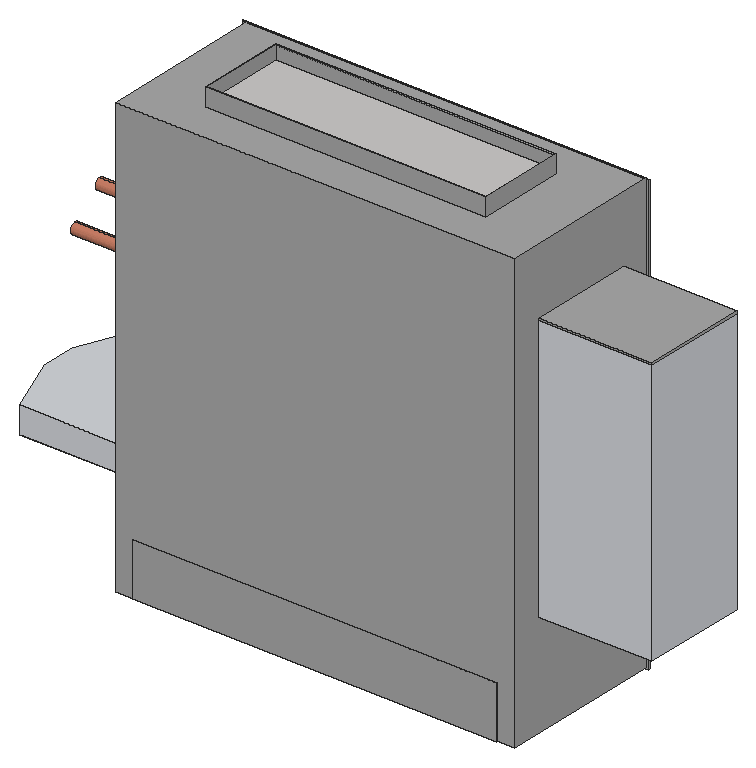
Revit family
Parameters (values of type "FWC 02 - 115V - 4 Pipe - 3 Rows Cooling - 1 Row Heating")
  Water Connection Radius [instance] = if(1 = 1, Water Connection Diameter / 2, 1' 0")  # 0' - 0 5/16"
  Water Connection Diameter [instance] = if(or([4 Pipe], [2 Pipe Heating]), Hot Water Connection Diameter, Chilled Water Connection Diameter)  # 5/8"
  Water Coil Pressure Drop = if(or([4 Pipe], [2 Pipe Heating]), Heating Coil Water Pressure Drop, Cooling Coil Water Pressure Drop)  # 0 Pa
  Wall Thickness [instance] = 0' - 4"
  Total Coil Row Count = Heating Coil Row Count + Cooling Coil Row Count  # 4
  Standard Decorator Wall Panel [instance] = no
  Return Duct Connector Description = "Return Air Connection"  # constant formula
  Product Page URL = "http://www.enviro-tec.com/eCatalog/products.asp?ID=103"
  Outside Air Connection = no
  Louver Material [instance] = Metal - JCI - Steel - Powder Coated - Gray - Louver
  Heating Steam [instance] = not(Heating Hot Water)  # no
  Heating Coil Row Count = 1
  Heating Coil Description [instance] = if(Heating Hot Water, "Hot Water", "Steam")  # "Hot Water"
  Front Panel Width = Decorator Wall Panel Width - 1' 3 7/16"  # 1' - 10 3/4"
  Width = 1' - 11 3/16"
  Heating Hot Water [instance] = yes
  Voltage = 115 V
  Unit Weight = if(Unit Size > 11, 105.00 lbf, if(Unit Size > 9, 92.00 lbf, if(Unit Size > 7, 66.00 lbf, if(Unit Size > 5, 62.00 lbf, if(Unit Size > 3, 55.00 lbf, if(Unit Size > 2, 45.00 lbf, if(Unit Size > 1, 36.00 lbf, 36.00 lbf)))))))  # 36.00 lbf
  Unit Size = 2
  URL = "http://www.enviro-tec.com/index.html"
  Type Comments = ""
  Total Cooling Capacity = 0.0 Btu/h
  Supply Air Connection Width = 16"
  Supply Air Connection Height = 5"
  Sensible Heating Capacity = 0.0 Btu/h
  Sensible Cooling Capacity = 0.0 Btu/h
  Secondary Condensate Drain Flow [instance] = 0 GPM
  Return Air Connection Width = Front Panel Width - 0' 2"  # 20 3/4"
  Return Air Connection Height = 0' 3"  # 3"
  Product Documentation Link = "http://www.enviro-tec.com/PDF/Catalog/ET115.26-EG6.pdf"
  Pressure Drop = 0.00 in-wg
  Power Factor = 0.8
  Electric Heat Current = 8.3 A
  Drain Pan Width = 0' - 0"
  Cooling DX Suction [instance] = no
  Cooling DX Liquid [instance] = no
  Cooling DX [instance] = yes
  Cooling Coil Row Count = 3
  Cooling Coil Description [instance] = if(Cooling Chilled Water, "Chilled Water", "DX")  # "DX"
  Cooling Chilled Water [instance] = or(and(not(Cooling DX Suction), not(Cooling DX), not(Cooling DX Liquid)))  # no
  Condensate Drain ConnectorDescription [instance] = "Condensate Drain Connection"  # constant formula
  Water Supply Connector Description [instance] = if(or([4 Pipe], [2 Pipe Heating]), "Hot Water Supply", "Chilled Water Supply")  # "Hot Water Supply"
  Water Return Connector Description [instance] = if(or([4 Pipe], [2 Pipe Heating]), "Hot Water Return", "Chilled Water Return")  # "Hot Water Return"
  Chilled Water Supply Connector Description [instance] = if([4 Pipe], "Chilled Water Supply", "Disabled")  # "Chilled Water Supply"
  Chilled Water Return Connector Description [instance] = if([4 Pipe], "Chilled Water Return", "Disabled")  # "Chilled Water Return"
  OmniClass Title = "Fan Coil Units"  # constant formula
  OmniClass Number = "23.75.70.17.27"  # constant formula
  Number of Poles = 1
  Net Weight = Unit Weight + Coil Rows Weight  # 66.00 lbf
  Mounting Hole Distance = if(1 = 1, Supply Air Connection Width + 0' 6", 1' 0")  # 1' - 10"
  Fan Motor Current = 0.4 A
  Model = "FWC"
  Manufacturer = "Johnson Controls, Inc."  # constant formula
  Length = 0' - 9 3/8"  # constant formula
  Keynote = "15700"
  Hot Water Connection Diameter = if(Heating Coil Row Count < 3, 0' 0 5/8", 0' 0 3/4")  # 5/8"
  Height = 2' - 1"  # constant formula
  Heating Leaving Water Temperature [instance] = 140 °F
  Heating Entering Water Temperature [instance] = 180 °F
  Heating Entering Dry Bulb Temperature [instance] = 70 °F
  Heating Coil Water Pressure Drop = 0 Pa
  Full Load Current = Electric Heat Current + Fan Motor Current  # 8.7 A
  Frequency = 0 Hz
  Frame Material = Metal - JCI - Steel - Galvanized
  Filter Throwaway [instance] = yes
  Filter Pleated 1 in [instance] = no
  Filter Size = "26.5x8.5"
  Fan Motor Horsepower = 0.02
  External Static Pressure [instance] = 0.05 in-wg
  Electrical Connector Description = "Single Point Power Connection"
  Electric Heat Wattage = 45 W
  Electric Heat Capacity = 0.0 Btu/h
  Supply Duct Connector Description = "Supply Air Connection"  # constant formula
  Decorator Wall Panel Width = if(1 = 1, Width + 1' 3", 1' 0")  # 3' - 2 3/16"
  Decorator Wall Panel Height [instance] = 2' - 4"  # constant formula
  Cooling Leaving Water Temperature [instance] = 55 °F
  Cooling Entering Wet Bulb Temperature [instance] = 67 °F
  Cooling Entering Water Temperature [instance] = 45 °F
  Cooling Entering Dry Bulb Temperature [instance] = 80 °F
  Cooling Coil Water Pressure Drop = 0 Pa
  Control Enclosure Width = 0' - 5 7/8"
  Control Enclosure Height [instance] = 0' - 5 1/2"  # constant formula
  Control Enclosure Depth = 0' - 3"  # constant formula
  Condensate Drain Pan Material = Metal - JCI - Steel - Galvanized
  Condensate Drain Depth Offset [instance] = if(Auxiliary Drip Pan, 0' 5 9/16", 0' 2 1/16")  # 0' - 5 9/16"
  Chilled Water Connection Radius [instance] = if(1 = 1, Chilled Water Connection Diameter / 2, 1' 0")  # 0' - 0 7/16"
  CTRL Junction Box Height [instance] = 1' - 3 1/4"
  Decorator Wall Panel Return Width = 2' - 0 7/8"
  Decorator Wall Panel Supply Width = 1' - 10 7/8"
  CTRL Condensate Drain Offset [instance] = if(CTRL Condensate Drain Angle = 0.00°, Front Panel Width + 0' 2 5/16", if(and(CTRL Condensate Drain Angle = 270.00°, Coil Connection Right), Front Panel Width + 0' 11 3/16", if(and(CTRL Condensate Drain Angle = 270.00°, Coil Connection Left), 0' 0", 0' 4 19/32")))  # 0' - 0"
  Condensate Drain Length [instance] = 0' - 2"  # constant formula
  Condensate Drain Height [instance] = if(Auxiliary Drip Pan, 0' 6 1/32", 0' 9")  # 0' - 6 1/32"
  Condensate Drain Connection Diameter Auxiliary = 0' 0 5/8"  # 5/8"
  Coil Rows Weight = if(and(Unit Size > 11, Total Coil Row Count > 3), 77.00 lbf, if(and(Unit Size > 11, Total Coil Row Count > 2), 61.00 lbf, if(and(Unit Size > 11, Total Coil Row Count > 1), 47.00 lbf, if(and(Unit Size > 11, Total Coil Row Count > 0.5), 37.00 lbf, if(and(Unit Size > 9, Total Coil Row Count > 3), 65.00 lbf, if(and(Unit Size > 9, Total Coil Row Count > 2), 52.00 lbf, if(and(Unit Size > 9, Total Coil Row Count > 1), 41.00 lbf, if(and(Unit Size > 9, Total Coil Row Count > 0.5), 32.00 lbf, if(and(Unit Size > 7, Total Coil Row Count > 3), 52.00 lbf, if(and(Unit Size > 7, Total Coil Row Count > 2), 41.00 lbf, if(and(Unit Size > 7, Total Coil Row Count > 1), 32.00 lbf, if(and(Unit Size > 7, Total Coil Row Count > 0.5), 25.00 lbf, if(and(Unit Size > 5, Total Coil Row Count > 3), 50.00 lbf, if(and(Unit Size > 5, Total Coil Row Count > 2), 39.00 lbf, if(and(Unit Size > 5, Total Coil Row Count > 1), 31.00 lbf, if(and(Unit Size > 5, Total Coil Row Count > 0.5), 24.00 lbf, if(and(Unit Size > 3, Total Coil Row Count > 3), 41.00 lbf, if(and(Unit Size > 3, Total Coil Row Count > 2), 32.00 lbf, if(and(Unit Size > 3, Total Coil Row Count > 1), 25.00 lbf, if(and(Unit Size > 3, Total Coil Row Count > 0.5), 20.00 lbf, if(and(Unit Size > 2, Total Coil Row Count > 3), 32.00 lbf, if(and(Unit Size > 2, Total Coil Row Count > 2), 25.00 lbf, if(and(Unit Size > 2, Total Coil Row Count > 1), 20.00 lbf, if(and(Unit Size > 2, Total Coil Row Count > 0.5), 15.00 lbf, if(and(Unit Size > 1, Total Coil Row Count > 3), 30.00 lbf, if(and(Unit Size > 1, Total Coil Row Count > 2), 23.00 lbf, if(and(Unit Size > 1, Total Coil Row Count > 1), 19.00 lbf, 14.00 lbf)))))))))))))))))))))))))))  # 30.00 lbf
  Coil Pipe Material = Metal - JCI - Copper - Type-L - Polished
  Coil Face Area = 2.50 SF
  Chilled Water Connection Diameter [instance] = if(and(Cooling Chilled Water, Cooling Coil Row Count < 3), 0' 0 5/8", if(and(Cooling DX, Cooling DX Liquid), 0' 0 3/8", if(and(Cooling DX, Cooling DX Suction), 0' 0 5/8", 0' 0 7/8")))  # 7/8"
  Description = ""
  Copyright © = "© 2010, Johnson Controls, Inc."  # constant formula
  Control Enclosure Right [instance] = not(Coil Connection Right)  # yes
  Control Enclosure Left [instance] = not(Control Enclosure Right)  # no
  Condensate Drain Connection Diameter = 0' 0 5/8"  # 5/8"
  Condensate Connection Radius 2 [instance] = if(1 = 1, Condensate Drain Connection Diameter Auxiliary / 2, 1' 0")  # 0' - 0 5/16"
  Condensate Connection Radius [instance] = if(1 = 1, Condensate Drain Connection Diameter / 2, 0' 0")  # 0' - 0 5/16"
  Coil Connection Right [instance] = no
  Coil Connection Left [instance] = not(Coil Connection Right)  # yes
  Coil Casing Width = if(1 = 1, Supply Air Connection Width + 0' 9 1/8", 1' 0")  # 2' - 1 1/8"
  Coil Casing Depth = 0' - 11 5/8"  # constant formula
  CTRL Supply Offset Back = 0' - 3 3/4"  # constant formula
  CTRL Supply 2 Offset Back [instance] = if([4 Pipe], CTRL Supply Offset Back + 0' 3 1/2", CTRL Supply Offset Back)  # 0' - 7 1/4"
  CTRL Return Offset Back [instance] = 0' - 5 1/2"  # constant formula
  CTRL Return 2 Offset Back [instance] = if([4 Pipe], CTRL Return Offset Back - 0' 3 1/2", CTRL Return Offset Back)  # 0' - 2"
  CTRL Pipes Offset Position [instance] = if(Coil Connection Right, Front Panel Width, 0' 0")  # 0' - 0"
  CTRL Pipes Offset Length = 0' - 4"  # constant formula
  CTRL Pipe Supply 2 Height Offset [instance] = if([4 Pipe], CTRL Pipe Supply Height Offset - 0' 3", CTRL Pipe Supply Height Offset)  # 1' - 4 1/4"
  CTRL Pipe Supply Height Offset [instance] = 1' - 7 1/4"  # constant formula
  CTRL Pipe Return Height Offset [instance] = 1' - 5 3/4"  # constant formula
  CTRL Pipe Return Angle [instance] = if(Coil Connection Right, 0.00°, 180.00°)  # 180.00°
  CTRL Pipe Return 2 Height Offset [instance] = if([4 Pipe], CTRL Pipe Return Height Offset + 0' 3", CTRL Pipe Return Height Offset)  # 1' - 8 3/4"
  CTRL Enclosure Offset [instance] = if(CTRL Enclosure Angle > 0.00°, Front Panel Width, 0' 0")  # 0' - 0"
  CTRL Enclosure Height Offset [instance] = 0' - 6"  # constant formula
  CTRL Enclosure Angle [instance] = if(Control Enclosure Right, 0.00°, 180.00°)  # 0.00°
  CTRL Drain Pan Offset [instance] = if(CTRL Drain Pan Angle = 0.00°, Front Panel Width, 0' 0")  # 0' - 0"
  CTRL Drain Pan Angle [instance] = if(Auxiliary Drip Pan Right, 0.00°, 180.00°)  # 180.00°
  CTRL Condensate Drain Angle [instance] = if(Auxiliary Drip Pan, 270.00°, if(Coil Connection Right, 0.00°, 180.00°))  # 270.00°
  Auxiliary Drip Pan Left [instance] = not(Auxiliary Drip Pan Right)  # yes
  Auxiliary Drip Pan Right [instance] = not(Coil Connection Left)  # no
  Auxiliary Drip Pan [instance] = yes
  Assembly Code = "D3050100"
  Apparent Load = 45 VA
  Altitude [instance] = 0' - 0"
  Design Supply Air Flow = 2400 CFM
  Actual Supply Air Flow [instance] = 0 CFM
  Actual Return Air Flow [instance] = 0 CFM
  Actual Heating Water Flow = 0 GPM
  Actual Condensate Drain Flow [instance] = 0 GPM
  Actual Chilled Water Flow = 0 GPM
  4 Pipe = yes
  2 Pipe Heating = yes
  2 Pipe Cooling = not(or([2 Pipe Heating], [4 Pipe]))  # no
Reference planes (in)
  plane 1 "Center (Front/Back)": y = -6.9375
  plane 2 "Bottom": z = 0
  plane 3 "Center (Left/Right)": x = 0
  plane 4 "Left": x = -11.375
  plane 5 "Right": x = 11.375
  plane 6 "Front": y = -11.625
  plane 7 "Top": z = 25
  plane 8 "Back": y = -2.25
  plane 9 "Offset Right": x = 11.59375
  plane 10 "Offset Left": x = -11.59375
  plane 11 "Offset Top": z = 26
  plane 12 "Offset Back": y = -2.3
  plane 13 "Right Supply Air": x = 8
  plane 14 "Front Supply Air": y = -9.4375
  plane 15 "Back Supply Air": y = -4.4375
  plane 16 "Chilled Return Pipe Height": z = 20.75
  plane 17 "Heating Supply Pipe Height": z = 16.25
  plane 18 "Heating Supply Pipe": y = -9.5
  plane 19 "Chilled Return Pipe": y = -4.25
  plane 20 "Offset Front": y = -12.5
  plane 21 "Left Supply Air": x = -8
  plane 22 "Pipe CTRL Offset": x = -11.375
  plane 23 "Heating Return Pipe": y = -7.75
  plane 24 "Chilled Supply Pipe": y = -6
  plane 25 "Heating Return Pipe Height": z = 17.75
  plane 26 "Chilled Supply Pipe Height": z = 19.25
  plane 27 "CTRL Junction Box Offset": x = 11.375
  plane 28 "Junction Box Bottom": z = 6
  plane 29 "Junction Box Top": z = 21.25
  plane 30 "Return Air Height": z = 3
  plane 31 "Front Panel Top": z = 23
  plane 32 "Left Return Air": x = -10.375
  plane 33 "Right Return Air": x = 10.375
  plane 34 "Auxiliary Drain Pan Offset": x = -11.375
  plane 35 "Auxiliary Drain Pan Top": z = 7.5
  plane 36 "Junction Box Exterior": x = 5.875
  plane 37 "Condensate Drain Offset": x = -16.96875
  plane 38 "Condensate Drain Height": z = 6.03125
  plane 39 "Condensate Drain Pipe": y = -6.9375
  plane 40: z = 6.03125
  plane 41 "Wall Spacing": y = -13
  plane 42 "Decorator Wall Panel Back": y = -17
  plane 43 "Decorator Wall Panel Front": y = -17.5
  plane 44 "Decorator Wall Panel Left": x = -19.09375
  plane 45 "Decorator Wall Panel Right": x = 19.09375
  plane 46 "Decorator Wall Panel Top": z = 28
  plane 47 "Decorator Wall Panel Return Left": x = -12.4375
  plane 48 "Decorator Wall Panel Return Right": x = 12.4375
  plane 49 "Decorator Wall Panel Return Bottom": z = 1
  plane 50 "Decorator Wall Panel Return Top": z = 3.8125
  plane 51 "Decorator Wall Panel Supply Bottom": z = 17.6875
  plane 52 "Decorator Wall Panel Supply Top": z = 23.1875
  plane 53: x = -11.4375
  plane 54: x = 11.4375
  plane 55 "Auxiliary Drain Pan Center Left": x = -16.96875
  plane 56 "Auxillary Drain Pan Right": x = 16.96875
Forms (in)
  Extrusion 1, solid, material "Metal - JCI - Steel - Galvanized" <- "Frame Material", detail levels fine
    sketch origin (0, -11.625, 0) x (-1, 0, 0) y (0, 0, -1)
      loop
        line (11.375, -25) -> (11.375, 0) -> (-11.375, 0) -> (-11.375, -25) -> (11.375, -25)
    from 0 to -9.375
  Extrusion 2, solid, material "Metal - JCI - Steel - Galvanized" <- "Frame Material", detail levels fine
    sketch origin (0, -6.9375, 0) x (1, 0, 0) y (0, 0, 1)
      loop
        line (11.59375, 25) -> (-11.59375, 25) -> (-11.59375, 0) -> (11.59375, 0) -> (11.59375, 25)
    from -4.6375 to -4.6875
  Revolve 3, solid, material "Metal - JCI - Copper - Type-L - Polished" <- "Coil Pipe Material", visible <- "4 Pipe", detail levels fine
    sketch origin (0, -4.25, 0) x (-1, 0, 0) y (0, 0, 1)
      loop
        line (11.375, 20.75) -> (11.375, 20.3125) -> (15.375, 20.3125) -> (15.375, 20.75) -> (11.375, 20.75)
      axis (11.375, 20.75) -> (15.375, 20.75)
    angle from 0 to 360
  Revolve 4, solid, material "Metal - JCI - Copper - Type-L - Polished" <- "Coil Pipe Material", visible <- "4 Pipe", detail levels fine
    sketch origin (0, -9.5, 0) x (-1, 0, 0) y (0, 0, 1)
      loop
        line (11.375, 16.25) -> (15.375, 16.25) -> (15.375, 16.5625) -> (11.375, 16.5625) -> (11.375, 16.25)
      axis (11.375, 16.25) -> (15.375, 16.25)
    angle from 0 to 360
  Revolve 5, solid, material "Metal - JCI - Copper - Type-L - Polished" <- "Coil Pipe Material", detail levels fine
    sketch origin (0, -6, 0) x (-1, 0, 0) y (0, 0, 1)
      loop
        line (15.375, 19.25) -> (11.375, 19.25) -> (11.375, 18.8125) -> (15.375, 18.8125) -> (15.375, 19.25)
      axis (11.375, 19.25) -> (15.375, 19.25)
    angle from 0 to 360
  Revolve 6, solid, material "Metal - JCI - Copper - Type-L - Polished" <- "Coil Pipe Material", detail levels fine
    sketch origin (0, -7.75, 0) x (-1, 0, 0) y (0, 0, 1)
      loop
        line (11.375, 17.75) -> (11.375, 17.4375) -> (15.375, 17.4375) -> (15.375, 17.75) -> (11.375, 17.75)
      axis (11.375, 17.75) -> (15.375, 17.75)
    angle from 0 to 360
  Extrusion 7, solid, material "Metal - JCI - Steel - Galvanized" <- "Frame Material", detail levels fine
    sketch origin (0, -6.9375, 0) x (1, 0, 0) y (0, 0, 1)
      loop
        line (-10.375, 3) -> (-10.375, 0) -> (10.375, 0) -> (10.375, 3) -> (-10.375, 3)
    from 4.25421 to 4.6875
  Revolve 8, solid, material "Metal - JCI - Copper - Type-L - Polished" <- "Coil Pipe Material", detail levels fine
    sketch origin (0, -6.9375, 0) x (-1, 0, 0) y (0, 0, 1)
      loop
        line (16.96875, 4.03125) -> (17.28125, 4.03125) -> (17.28125, 6.03125) -> (16.96875, 6.03125) -> (16.96875, 4.03125)
      axis (16.96875, 6.03125) -> (16.96875, 4.03125)
    angle from 0 to 360
  Extrusion 9, solid, material "Metal - JCI - Steel - Galvanized" <- "Frame Material", detail levels fine
    sketch origin (0, 0, 21.25) x (-1, 0, 0) y (0, -1, 0)
      loop
        line (-17.875, 3.9375) -> (-11.375, 3.9375) -> (-11.375, 9.9375) -> (-17.875, 9.9375) -> (-17.875, 3.9375)
    from 0 to -0.12954
  Extrusion 10, solid, material "Metal - JCI - Steel - Galvanized" <- "Frame Material", visible <- "Standard Decorator Wall Panel", detail levels fine
    sketch origin (0, -17.5, 0) x (-1, 0, 0) y (0, 0, -1)
      loop
        line (19.09375, -28) -> (19.09375, 0) -> (-19.09375, 0) -> (-19.09375, -28) -> (19.09375, -28)
      loop
        line (11.4375, -23.1875) -> (11.4375, -17.6875) -> (-11.4375, -17.6875) -> (-11.4375, -23.1875) -> (11.4375, -23.1875)
      loop
        line (12.4375, -3.8125) -> (12.4375, -1) -> (-12.4375, -1) -> (-12.4375, -3.8125) -> (12.4375, -3.8125)
    from 0 to -0.5
  Extrusion 11, solid, material "Metal - JCI - Steel - Powder Coated - Gray - Louver" <- "Louver Material", visible <- "Standard Decorator Wall Panel", detail levels fine
    sketch origin (0, -17.5, 0) x (-1, 0, 0) y (0, 0, -1)
      loop
        line (12.4375, -3.8125) -> (12.4375, -1) -> (-12.4375, -1) -> (-12.4375, -3.8125) -> (12.4375, -3.8125)
      loop
        line (11.4375, -23.1875) -> (11.4375, -17.6875) -> (-11.4375, -17.6875) -> (-11.4375, -23.1875) -> (11.4375, -23.1875)
    from 0 to -0.5
Lines and regions (in)
  Masking region 1
    outline origin (0, -11.625, 0) x (-1, 0, 0) y (0, 0, 1)
      loop
        line (11.59375, 25) -> (-11.59375, 25) -> (-11.59375, 0) -> (11.59375, 0) -> (11.59375, 3.6887) -> (11.59375, 21.54416) -> (11.59375, 25)
  Masking region 2
    outline origin (0, 0, 0) x (0, 1, 0) y (0, 0, 1)
      loop
        line (-2.25, 25) -> (-11.625, 25) -> (-11.625, 0) -> (-2.25, 0) -> (-2.25, 25)
  Masking region 3
    outline origin (0, 0, 25) x (-1, 0, 0) y (0, -1, 0)
      loop
        line (11.375, 2.25) -> (11.59375, 2.25) -> (11.59375, 2.3) -> (11.375, 2.3) -> (11.375, 12.5) -> (-11.375, 12.5) -> (-11.375, 2.3) -> (-11.59375, 2.3) -> (-11.59375, 2.25) -> (11.375, 2.25)
  Masking region 4, visible <- "Standard Decorator Wall Panel"
    outline origin (0, -17.5, 0) x (-1, 0, 0) y (0, 0, 1)
      loop
        line (-19.09375, 28) -> (-19.09375, 0) -> (19.09375, 0) -> (19.09375, 28) -> (-19.09375, 28)
  Masking region 5, visible <- "Standard Decorator Wall Panel"
    outline origin (0, 0, 0) x (0, 1, 0) y (0, 0, 1)
      loop
        line (-17, 0) -> (-17, 28) -> (-17.5, 28) -> (-17.5, 0) -> (-17, 0)
  Masking region 6, visible <- "Standard Decorator Wall Panel"
    outline origin (0, 0, 7.5) x (-1, 0, 0) y (0, -1, 0)
      loop
        line (19.09375, 17) -> (19.09375, 17.5) -> (-19.09375, 17.5) -> (-19.09375, 17) -> (19.09375, 17)
  model lines, style "Fan Coil Unit", detail levels medium+fine
    curve 1: line (-8, -4.4375, 25) -> (8, -4.4375, 25)
    curve 2: line (-8, -9.4375, 25) -> (-8, -4.4375, 25)
    curve 3: line (8, -9.4375, 25) -> (-8, -9.4375, 25)
    curve 4: line (8, -4.4375, 25) -> (8, -9.4375, 25)
  model lines, style "Fan Coil Unit"
    curve 5: line (-11.375, -11.625, 25) -> (11.375, -11.625, 25)
    curve 6: line (-11.375, -2.3, 25) -> (-11.375, -11.625, 25)
    curve 7: line (11.59375, -2.25, 25) -> (-11.59375, -2.25, 25)
    curve 8: line (11.375, -11.625, 25) -> (11.375, -2.3, 25)
    curve 9: line (11.375, -11.625, 0) -> (11.375, -11.625, 25)
    curve 10: line (-11.375, -11.625, 0) -> (11.375, -11.625, 0)
    curve 11: line (-11.375, -11.625, 25) -> (-11.375, -11.625, 0)
    curve 12: line (-11.375, -11.625, 3) -> (11.375, -11.625, 3)
    curve 13: line (-11.59375, -2.25, 25) -> (-11.59375, -2.25, 0)
    curve 14: line (-11.59375, -2.25, 0) -> (11.59375, -2.25, 0)
    curve 15: line (11.59375, -2.25, 0) -> (11.59375, -2.25, 25)
    curve 16: line (11.59375, -2.25, 25) -> (-11.59375, -2.25, 25)
    curve 17: line (11.375, -11.625, 0) -> (11.375, -2.3, 0)
    curve 18: line (-11.375, -2.3, 0) -> (-11.375, -11.625, 0)
    curve 19: line (11.375, -2.3, 25) -> (11.375, -2.3, 0)
    curve 20: line (-11.375, -2.3, 0) -> (-11.375, -2.3, 25)
    curve 21: line (10.375, -11.625, 3) -> (10.375, -11.625, 0)
    curve 22: line (-10.375, -11.625, 0) -> (-10.375, -11.625, 3)
  model lines, style "Fan Coil Pipes", detail levels medium+fine
    curve 23: line (-8, -9.4375, 25) -> (-8, -9.4375, 26)
    curve 24: line (-8, -4.4375, 26) -> (-8, -4.4375, 25)
    curve 25: line (-8, -9.4375, 26) -> (-8, -4.4375, 26)
    curve 26: line (8, -9.4375, 26) -> (-8, -9.4375, 26)
    curve 27: line (8, -4.4375, 26) -> (-8, -4.4375, 26)
    curve 28: line (8, -4.4375, 25) -> (8, -4.4375, 26)
    curve 29: line (8, -9.4375, 26) -> (8, -9.4375, 25)
    curve 30: line (8, -4.4375, 26) -> (8, -9.4375, 26)
Dimensions and locks (in)
  equal spacing: plane 6 "Front", plane 1 "Center (Front/Back)", plane 8 "Back"
  "Length": plane 6 "Front" to plane 8 "Back"
  locked: plane 8 "Back" to plane 12 "Offset Back" at 0.05
  equal spacing: plane 14 "Front Supply Air", plane 1 "Center (Front/Back)", plane 15 "Back Supply Air"
  "Supply Air Connection Height": plane 14 "Front Supply Air" to plane 15 "Back Supply Air"
  locked: plane 20 "Offset Front" to plane 6 "Front" at 0.875
  "Supply Air Connection Width": plane 21 "Left Supply Air" to plane 13 "Right Supply Air"
  "Width": plane 10 "Offset Left" to plane 9 "Offset Right"
  equal spacing: plane 4 "Left", plane 3 "Center (Left/Right)", plane 5 "Right"  (x2)
  equal spacing: plane 21 "Left Supply Air", plane 3 "Center (Left/Right)", plane 13 "Right Supply Air"
  "CTRL Pipes Offset Position": plane 4 "Left" to plane 22 "Pipe CTRL Offset"
  "Chilled Water Connection Radius": Revolve 3 sketch curve to Revolve 3 sketch curve
  "CTRL Pipes Offset Length": Revolve 3 sketch curve to Revolve 3 sketch curve
  "CTRL Pipes Offset Length": Revolve 4 sketch curve to Revolve 4 sketch curve
  "Water Connection Radius": Revolve 4 sketch curve to Revolve 4 sketch curve
  "CTRL Pipes Offset Length": Revolve 5 sketch curve to Revolve 5 sketch curve
  "Chilled Water Connection Radius": Revolve 5 sketch curve to Revolve 5 sketch curve
  "CTRL Pipes Offset Length": Revolve 6 sketch curve to Revolve 6 sketch curve
  "Water Connection Radius": Revolve 6 sketch curve to Revolve 6 sketch curve
  "CTRL Enclosure Height Offset": plane 28 "Junction Box Bottom" to plane 2 "Bottom"
  locked: plane 11 "Offset Top" to plane 7 "Top" at 1
  "Height": plane 7 "Top" to plane 2 "Bottom"
  "Return Air Connection Height": plane 30 "Return Air Height" to plane 2 "Bottom"
  plane 31 "Front Panel Top" to plane 30 "Return Air Height" = 1' - 8"
  "Front Panel Width": plane 4 "Left" to plane 5 "Right"
  equal spacing: plane 32 "Left Return Air", plane 3 "Center (Left/Right)", plane 33 "Right Return Air"
  "Return Air Connection Width": plane 32 "Left Return Air" to plane 33 "Right Return Air"
  equal spacing: plane 10 "Offset Left", plane 3 "Center (Left/Right)", plane 9 "Offset Right"
  "CTRL Enclosure Offset": plane 27 "CTRL Junction Box Offset" to plane 5 "Right"
  "CTRL Drain Pan Offset": plane 4 "Left" to plane 34 "Auxiliary Drain Pan Offset"
  "CTRL Supply 2 Offset Back": plane 18 "Heating Supply Pipe" to plane 8 "Back"
  "CTRL Return 2 Offset Back": plane 19 "Chilled Return Pipe" to plane 8 "Back"
  "CTRL Pipe Supply 2 Height Offset": plane 17 "Heating Supply Pipe Height" to plane 2 "Bottom"
  "CTRL Pipe Return Height Offset": plane 25 "Heating Return Pipe Height" to plane 2 "Bottom"
  "CTRL Pipe Return 2 Height Offset": plane 16 "Chilled Return Pipe Height" to plane 2 "Bottom"
  "CTRL Supply Offset Back": plane 24 "Chilled Supply Pipe" to plane 8 "Back"
  "CTRL Return Offset Back": plane 23 "Heating Return Pipe" to plane 8 "Back"
  "CTRL Pipe Supply Height Offset": plane 26 "Chilled Supply Pipe Height" to plane 2 "Bottom"
  locked: plane 36 "Junction Box Exterior" to plane 27 "CTRL Junction Box Offset" at 5.5
  "Condensate Drain Height": plane 38 "Condensate Drain Height" to plane 2 "Bottom"
  "Condensate Drain Height": plane 40 to plane 2 "Bottom"
  "Condensate Drain Length": Revolve 8 sketch curve to Revolve 8 sketch curve
  "Condensate Connection Radius": Revolve 8 sketch curve to Revolve 8 sketch curve
  "CTRL Junction Box Height": plane 29 "Junction Box Top" to plane 28 "Junction Box Bottom"
  locked: plane 41 "Wall Spacing" to plane 20 "Offset Front" at 0.5
  "Wall Thickness": plane 42 "Decorator Wall Panel Back" to plane 41 "Wall Spacing"
  locked: plane 43 "Decorator Wall Panel Front" to plane 42 "Decorator Wall Panel Back" at 0.5
  equal spacing: plane 44 "Decorator Wall Panel Left", plane 3 "Center (Left/Right)", plane 45 "Decorator Wall Panel Right"
  "Decorator Wall Panel Width": plane 44 "Decorator Wall Panel Left" to plane 45 "Decorator Wall Panel Right"
  "Decorator Wall Panel Height": plane 46 "Decorator Wall Panel Top" to plane 2 "Bottom"
  equal spacing: plane 47 "Decorator Wall Panel Return Left", plane 3 "Center (Left/Right)", plane 48 "Decorator Wall Panel Return Right"
  "Decorator Wall Panel Return Width": plane 47 "Decorator Wall Panel Return Left" to plane 48 "Decorator Wall Panel Return Right"
  locked: plane 50 "Decorator Wall Panel Return Top" to plane 2 "Bottom" at 3.8125
  locked: plane 49 "Decorator Wall Panel Return Bottom" to plane 2 "Bottom" at 1
  equal spacing: plane 53, plane 3 "Center (Left/Right)", plane 54
  "Decorator Wall Panel Supply Width": plane 53 to plane 54
  locked: plane 52 "Decorator Wall Panel Supply Top" to plane 51 "Decorator Wall Panel Supply Bottom" at 5.5
  locked: plane 46 "Decorator Wall Panel Top" to plane 52 "Decorator Wall Panel Supply Top" at 4.8125
  locked: plane 44 "Decorator Wall Panel Left" to plane 55 "Auxiliary Drain Pan Center Left" at 2.125
  plane 45 "Decorator Wall Panel Right" to plane 56 "Auxillary Drain Pan Right" = 0' - 2 1/8"
  "CTRL Condensate Drain Offset": plane 55 "Auxiliary Drain Pan Center Left" to plane 37 "Condensate Drain Offset"
  "Condensate Drain Depth Offset": plane 20 "Offset Front" to plane 39 "Condensate Drain Pipe"
  plane 55 "Auxiliary Drain Pan Center Left" to curve 11 = 0' - 5 19/32"
  plane 36 "Junction Box Exterior" to plane 56 "Auxillary Drain Pan Right" = 0' - 11 3/32"
  "CTRL Pipe Return Angle": angle plane 16 "Chilled Return Pipe Height" to Revolve 3 sketch curve
  "CTRL Pipe Return Angle": angle plane 17 "Heating Supply Pipe Height" to Revolve 4 sketch curve
  "CTRL Pipe Return Angle": angle plane 26 "Chilled Supply Pipe Height" to Revolve 5 sketch curve
  "CTRL Pipe Return Angle": angle plane 25 "Heating Return Pipe Height" to Revolve 6 sketch curve
  "CTRL Enclosure Angle": angle plane 1 "Center (Front/Back)" to nested 2
  "CTRL Drain Pan Angle": angle plane 1 "Center (Front/Back)" to nested 3
  angle plane 38 "Condensate Drain Height" to Revolve 8 sketch curve = 270.00°
  "CTRL Condensate Drain Angle": angle plane 38 "Condensate Drain Height" to Revolve 8 sketch curve
  aligned and locked: level to plane 2 "Bottom"
  aligned and locked: plane 8 "Back" to Extrusion 1
  aligned and locked: Extrusion 2 sketch curve to plane 9 "Offset Right"
  aligned and locked: plane 2 "Bottom" to Extrusion 2 sketch curve
  aligned and locked: Extrusion 2 sketch curve to plane 10 "Offset Left"
  aligned and locked: plane 7 "Top" to Extrusion 2 sketch curve
  aligned and locked: curve 3 to plane 14 "Front Supply Air"
  aligned and locked: curve 4 to plane 13 "Right Supply Air"
  aligned and locked: plane 15 "Back Supply Air" to curve 1
  aligned and locked: plane 7 "Top" to Extrusion 1
  aligned and locked: nested 1 to plane 1 "Center (Front/Back)"
  aligned and locked: nested 1 to plane 3 "Center (Left/Right)"
  aligned and locked: curve 2 to plane 21 "Left Supply Air"
  aligned and locked: curve 5 to Extrusion 1
  aligned and locked: Extrusion 1 to curve 6
  aligned and locked: curve 7 to Extrusion 2
  aligned and locked: curve 8 to Extrusion 1
  aligned and locked: curve 9 to Extrusion 1
  aligned and locked: curve 10 to Extrusion 1
  aligned and locked: curve 11 to Extrusion 1
  aligned and locked: curve 13 to Extrusion 2
  aligned and locked: curve 14 to Extrusion 2
  aligned and locked: curve 15 to Extrusion 2
  aligned and locked: curve 16 to Extrusion 2
  aligned and locked: curve 17 to Extrusion 1
  aligned and locked: Extrusion 1 to curve 18
  aligned and locked: plane 4 "Left" to Extrusion 1
  aligned and locked: curve 19 to Extrusion 2
  aligned and locked: Masking region 1 sketch curve to plane 7 "Top"
  aligned and locked: Masking region 1 sketch curve to plane 10 "Offset Left"  (x2)
  aligned and locked: plane 2 "Bottom" to Masking region 1 sketch curve
  aligned and locked: Masking region 1 sketch curve to plane 9 "Offset Right"
  aligned and locked: Masking region 2 sketch curve to plane 8 "Back"
  aligned and locked: Masking region 2 sketch curve to plane 7 "Top"
  aligned and locked: Masking region 2 sketch curve to plane 6 "Front"
  aligned and locked: plane 2 "Bottom" to Masking region 2 sketch curve
  aligned and locked: Masking region 3 sketch curve to plane 20 "Offset Front"
  aligned and locked: Masking region 3 sketch curve to plane 8 "Back"
  aligned and locked: Masking region 3 sketch curve to plane 9 "Offset Right"
  aligned and locked: Masking region 3 sketch curve to plane 12 "Offset Back"  (x2)
  aligned and locked: Extrusion 1 to Masking region 3 sketch curve
  aligned and locked: plane 22 "Pipe CTRL Offset" to Revolve 3 sketch curve
  aligned and locked: plane 16 "Chilled Return Pipe Height" to Revolve 3 sketch curve
  aligned and locked: Revolve 3 sketch curve to Revolve 3 sketch curve  (x3)
  aligned and locked: plane 10 "Offset Left" to Masking region 3 sketch curve
  aligned and locked: plane 22 "Pipe CTRL Offset" to Revolve 4 sketch curve
  aligned and locked: plane 17 "Heating Supply Pipe Height" to Revolve 4 sketch curve
  aligned and locked: Revolve 4 sketch curve to Revolve 4 sketch curve  (x3)
  aligned and locked: plane 22 "Pipe CTRL Offset" to Revolve 5 sketch curve
  aligned and locked: plane 26 "Chilled Supply Pipe Height" to Revolve 5 sketch curve
  aligned and locked: Revolve 5 sketch curve to Revolve 5 sketch curve  (x3)
  aligned and locked: plane 22 "Pipe CTRL Offset" to Revolve 6 sketch curve
  aligned and locked: plane 25 "Heating Return Pipe Height" to Revolve 6 sketch curve
  aligned and locked: Revolve 6 sketch curve to Revolve 6 sketch curve  (x3)
  aligned and locked: plane 10 "Offset Left" to Masking region 1 sketch curve
  aligned and locked: Extrusion 7 sketch curve to plane 30 "Return Air Height"
  aligned and locked: Extrusion 7 sketch curve to plane 32 "Left Return Air"
  aligned and locked: plane 2 "Bottom" to Extrusion 7 sketch curve
  aligned and locked: Extrusion 7 sketch curve to plane 33 "Right Return Air"
  aligned and locked: plane 6 "Front" to Extrusion 7
  aligned and locked: Masking region 3 sketch curve to plane 4 "Left"
  aligned and locked: curve 21 to Extrusion 7
  aligned and locked: curve 22 to Extrusion 7
  aligned and locked: nested 2 to nested 2  (x2)
  aligned and locked: nested 2 to plane 28 "Junction Box Bottom"
  aligned and locked: nested 3 to nested 3
  aligned and locked: plane 35 "Auxiliary Drain Pan Top" to nested 3
  aligned and locked: Revolve 8 sketch curve to Revolve 8 sketch curve  (x3)
  aligned and locked: plane 29 "Junction Box Top" to nested 2
  aligned and locked: Extrusion 9 sketch curve to nested 2  (x4)
  aligned and locked: curve 5 to plane 7 "Top"
  aligned and locked: plane 7 "Top" to curve 3
  aligned and locked: curve 1 to plane 7 "Top"
  aligned and locked: plane 7 "Top" to curve 16
  aligned and locked: plane 7 "Top" to curve 7
  aligned and locked: curve 12 to plane 30 "Return Air Height"
  aligned and locked: curve 10 to plane 2 "Bottom"
  aligned and locked: curve 14 to plane 2 "Bottom"
  aligned and locked: plane 10 "Offset Left" to curve 13
  aligned and locked: plane 2 "Bottom" to Extrusion 10 sketch curve
  aligned and locked: Extrusion 10 sketch curve to plane 45 "Decorator Wall Panel Right"
  aligned and locked: Extrusion 10 sketch curve to plane 46 "Decorator Wall Panel Top"
  aligned and locked: Extrusion 10 sketch curve to plane 44 "Decorator Wall Panel Left"
  aligned and locked: Masking region 4 sketch curve to Extrusion 10  (x4)
  aligned and locked: Extrusion 10 to plane 42 "Decorator Wall Panel Back"
  aligned and locked: Extrusion 11 sketch curve to plane 47 "Decorator Wall Panel Return Left"
  aligned and locked: plane 48 "Decorator Wall Panel Return Right" to Extrusion 11 sketch curve
  aligned and locked: Extrusion 11 sketch curve to plane 50 "Decorator Wall Panel Return Top"
  aligned and locked: plane 49 "Decorator Wall Panel Return Bottom" to Extrusion 11 sketch curve
  aligned and locked: Extrusion 11 sketch curve to plane 52 "Decorator Wall Panel Supply Top"
  aligned and locked: plane 51 "Decorator Wall Panel Supply Bottom" to Extrusion 11 sketch curve
  aligned and locked: Extrusion 11 sketch curve to plane 53
  aligned and locked: plane 54 to Extrusion 11 sketch curve
  aligned and locked: Extrusion 11 to plane 42 "Decorator Wall Panel Back"
  aligned and locked: Masking region 5 sketch curve to Extrusion 10  (x4)
  aligned and locked: plane 38 "Condensate Drain Height" to Revolve 8 sketch curve
  aligned and locked: plane 37 "Condensate Drain Offset" to Revolve 8 sketch curve
  aligned and locked: Masking region 6 sketch curve to plane 45 "Decorator Wall Panel Right"
  aligned and locked: plane 42 "Decorator Wall Panel Back" to Masking region 6 sketch curve
  aligned and locked: Masking region 6 sketch curve to plane 43 "Decorator Wall Panel Front"
  aligned and locked: Masking region 6 sketch curve to plane 44 "Decorator Wall Panel Left"
  aligned and locked: curve 23 to nested 1
  aligned and locked: curve 24 to nested 1
  aligned and locked: curve 25 to nested 1
  aligned and locked: curve 26 to nested 1
  aligned and locked: curve 27 to nested 1
  aligned and locked: curve 28 to nested 1
  aligned and locked: curve 29 to nested 1
  aligned and locked: curve 30 to nested 1
  aligned and locked: Extrusion 10 sketch curve to Extrusion 11  (x6)
  aligned and locked: Extrusion 11 to Extrusion 10 sketch curve  (x2)
  aligned and locked: plane 21 "Left Supply Air" to curve 26
  aligned and locked: plane 21 "Left Supply Air" to curve 27
  aligned and locked: plane 13 "Right Supply Air" to curve 26
  aligned and locked: plane 13 "Right Supply Air" to curve 27
  aligned and locked: nested 3 to plane 34 "Auxiliary Drain Pan Offset"
  aligned and locked: plane 27 "CTRL Junction Box Offset" to nested 2
Automatic sketch dimensions
  curve 7 to plane 8 "Back" = 0' - 0"
  curve 7 to plane 9 "Offset Right" = 0' - 0"
  curve 8 to plane 5 "Right" = 0' - 0"
  curve 5 to plane 4 "Left" = 0' - 0"
  curve 7 to plane 10 "Offset Left" = 0' - 0"
  curve 6 to plane 12 "Offset Back" = 0' - 0"
  curve 8 to plane 12 "Offset Back" = 0' - 0"
  curve 6 to plane 6 "Front" = 0' - 0"
  curve 15 to plane 9 "Offset Right" = 0' - 0"
  curve 9 to plane 5 "Right" = 0' - 0"
  curve 9 to plane 7 "Top" = 0' - 0"
  curve 11 to plane 7 "Top" = 0' - 0"
  Extrusion 1 sketch curve to plane 5 "Right" = 0' - 0"
  Extrusion 1 sketch curve to level = 0' - 0"
  Extrusion 1 sketch curve to plane 4 "Left" = 0' - 0"
  Extrusion 1 sketch curve to plane 7 "Top" = 0' - 0"
  curve 18 to plane 12 "Offset Back" = 0' - 0"
  curve 18 to plane 6 "Front" = 0' - 0"
  curve 20 to plane 7 "Top" = 0' - 0"
  curve 17 to level = 0' - 0"
  curve 17 to plane 6 "Front" = 0' - 0"
  curve 19 to plane 7 "Top" = 0' - 0"
  plane 30 "Return Air Height" to Masking region 1 sketch curve = 0' - 0.6887"
  plane 16 "Chilled Return Pipe Height" to Masking region 1 sketch curve = 0' - 0.79416"
  Masking region 3 sketch curve to plane 4 "Left" = 0' - 0"
  curve 21 to level = 0' - 0"
  curve 21 to plane 30 "Return Air Height" = 0' - 0"
  curve 22 to level = 0' - 0"
  curve 22 to plane 30 "Return Air Height" = 0' - 0"
  curve 18 to level = 0' - 0"
  curve 24 to plane 7 "Top" = 0' - 0"
  curve 24 to plane 15 "Back Supply Air" = 0' - 0"
  curve 25 to plane 11 "Offset Top" = 0' - 0"
  curve 25 to plane 14 "Front Supply Air" = 0' - 0"
  curve 23 to plane 7 "Top" = 0' - 0"
  curve 28 to plane 11 "Offset Top" = 0' - 0"
  curve 28 to plane 15 "Back Supply Air" = 0' - 0"
  curve 29 to plane 7 "Top" = 0' - 0"
  curve 29 to plane 14 "Front Supply Air" = 0' - 0"
  curve 28 to plane 7 "Top" = 0' - 0"
  curve 26 to plane 11 "Offset Top" = 0' - 0"
  curve 27 to plane 11 "Offset Top" = 0' - 0"
Nested families (in)
  nested 1: "Grille-JCI-Supply" at (0, -6.9375, 25) x (-1, 0, 0) z (0, 0, 1), type "Grille-JCI-Discharge", detail levels fine
    with Width 1' - 4", Unit Discharge Width 1' - 2 5/16", Unit Discharge Height 0' - 3 5/16", Height 0' - 5", Blade Count 18
  nested 2: "HVAC-JCI-Junction_Box" at (14.625, -6.9375, 6) x (-1, 0, 0) z (0, 0, 1), Junction Box Material <- "Frame Material", type "Junction_Box", detail levels fine
    with Junction Box Material Metal - JCI - Steel - Galvanized, Junction Box yes, Width 0' - 6 1/2", Height 1' - 3 1/4"
  nested 3: "HVAC-JCI-Auxiliary_Drain_Pan" at (-15.625, -6.9375, 4.5) x (-1, 0, 0) z (0, 0, 1), visible <- "Auxiliary Drip Pan", Auxiliary Drain Pan <- "Auxiliary Drip Pan", type "Auxiliary_Drain_Pan", detail levels fine
    with Auxiliary Drain Pan yes, Width 0' - 7"
Connectors (in)
  piping at (-15.375, -4.25, 20.75), driven by "Chilled Water Connection Radius", driven by "Chilled Water Return Connector Description", driven by "Actual Chilled Water Flow", driven by "Cooling Coil Water Pressure Drop"
    settings: on Revolve 3, index 1
  piping at (-15.375, -6, 19.25), driven by "Chilled Water Connection Radius", driven by "Chilled Water Supply Connector Description", driven by "Actual Chilled Water Flow"
    settings: on Revolve 5, index 2
  piping at (-15.375, -7.75, 17.75), driven by "Water Connection Radius", driven by "Water Return Connector Description", driven by "Actual Heating Water Flow", driven by "Water Coil Pressure Drop"
    settings: on Revolve 6, index 3
  piping at (-15.375, -9.5, 16.25), driven by "Water Connection Radius", driven by "Water Supply Connector Description", driven by "Actual Heating Water Flow"
    settings: on Revolve 4, index 4
  hvac at (0, -6.9375, 25), driven by "Supply Air Connection Width", driven by "Supply Air Connection Height", driven by "Actual Supply Air Flow", driven by "Supply Duct Connector Description"
    settings: on Extrusion 1, index 5
  electrical at (14.625, -6.9375, 21.25), driven by "Power Factor", driven by "Apparent Load", driven by "Voltage", driven by "Number of Poles", driven by "Apparent Load", driven by "Electrical Connector Description"
    settings: on Extrusion 9, index 7
  piping at (-16.96875, -6.9375, 4.03125), driven by "Actual Condensate Drain Flow", driven by "Condensate Connection Radius", driven by "Condensate Drain ConnectorDescription"
    settings: on Revolve 8, index 8
Definition of nested family "Grille-JCI-Supply"
  Parameters (values of type "Grille-JCI-Discharge")
    Width = 2' - 0 1/8"
    Unit Discharge Width = Width - 0' 1 11/16"  # 1' - 10 7/16"
    Unit Discharge Height = Height - 0' 1 11/16"  # 0' - 3 1/16"
    Material = Metal - JCI - Aluminum - Satin
    Height = 0' - 4 3/4"
    Grille Material = Metal - JCI - Aluminum - Double Deflection
    Default Elevation = 0' - 0"
    Blade Spacing = 0' - 0 3/4"
    Blade Count = (Unit Discharge Width / Blade Spacing) - 1  # 29
    Assembly Code = ""
  Reference planes (in)
    plane 1 "Center (Front/Back)": y = 0
    plane 2: z = 0
    plane 3 "Center (Left/Right)": x = 0
    plane 4 "Left": x = -12.0625
    plane 5 "Back": y = 2.375
    plane 6 "Right": x = 12.0625
    plane 7 "Front": y = -2.375
    plane 8 "Front of Grill": z = 0.25
    plane 9 "Discharge Width Left": x = -11.21875
    plane 10 "Discharge Width Right": x = 11.21875
  Forms (in)
    Extrusion 1, solid
      sketch origin (0, 0, 0) x (1, 0, 0) y (0, 1, 0)
        loop
          line (-48, 48) -> (-48, -48) -> (48, -48) -> (48, 48) -> (-48, 48)
      from 0 to -12
    Sweep 2, solid, material "Metal - JCI - Aluminum - Satin" <- "Material", detail levels fine
      path origin (0, 0, 0) x (1, 0, 0) y (0, 1, 0)
        loop
          line (12.0625, -2.375) -> (12.0625, 2.375) -> (-12.0625, 2.375) -> (-12.0625, -2.375) -> (12.0625, -2.375)
      profile origin (0, -2.375, 0) x (0, -1, 0) y (0, 0, 1)
        loop
          line (-0.03125, 0) -> (0, 0) -> (0, 1) -> (-0.03125, 1) -> (-0.03125, 0)
    Extrusion 3, solid, material "Metal - JCI - Aluminum - Double Deflection" <- "Grille Material", detail levels medium+fine
      sketch origin (0, 0, 0) x (1, 0, 0) y (0, 1, 0)
        loop
          line (-12.03125, 2.34375) -> (-12.03125, -2.34375) -> (12.03125, -2.34375) -> (12.03125, 2.34375) -> (-12.03125, 2.34375)
      from 0 to 0.25
  Lines and regions (in)
    Masking region 1, detail levels medium+fine
      outline origin (0, 0, 0.25) x (-1, 0, 0) y (0, -1, 0)
        loop
          line (-12.0625, 2.375) -> (-12.0625, -2.375) -> (12.0625, -2.375) -> (12.0625, 2.375) -> (-12.0625, 2.375)
    model lines, style "Grille Frame", detail levels coarse+medium
      curve 1: line (-12.0625, 2.375, 0) -> (12.0625, 2.375, 0)
      curve 2: line (12.0625, 2.375, 0) -> (12.0625, -2.375, 0)
      curve 3: line (12.0625, -2.375, 0) -> (-12.0625, -2.375, 0)
      curve 4: line (-12.0625, -2.375, 0) -> (-12.0625, 2.375, 0)
    model lines, style "GenericModel", detail levels medium
      curve 5: line (-12.0625, 2.375, 0) -> (12.0625, 2.375, 0)
      curve 6: line (12.0625, 2.375, 0) -> (12.0625, -2.375, 0)
      curve 7: line (12.0625, -2.375, 0) -> (-12.0625, -2.375, 0)
      curve 8: line (-12.0625, -2.375, 0) -> (-12.0625, 2.375, 0)
    symbolic lines, detail levels coarse
      curve 9: line (-12.0625, 2.375, 0.25) -> (12.0625, 2.375, 0.25)
      curve 10: line (12.0625, 2.375, 0.25) -> (12.0625, -2.375, 0.25)
      curve 11: line (12.0625, -2.375, 0.25) -> (-12.0625, -2.375, 0.25)
      curve 12: line (-12.0625, -2.375, 0.25) -> (-12.0625, 2.375, 0.25)
  Dimensions and locks (in)
    equal spacing: plane 4 "Left", plane 3 "Center (Left/Right)", plane 6 "Right"
    equal spacing: plane 7 "Front", plane 1 "Center (Front/Back)", plane 5 "Back"
    "Height": plane 7 "Front" to plane 5 "Back"
    "Width": plane 4 "Left" to plane 6 "Right"
    locked: plane 8 "Front of Grill" to plane 2 at 0.25
    equal spacing: plane 9 "Discharge Width Left", plane 3 "Center (Left/Right)", plane 10 "Discharge Width Right"
    "Unit Discharge Width": plane 9 "Discharge Width Left" to plane 10 "Discharge Width Right"
    aligned and locked: plane 2 to Extrusion 1
    aligned and locked: level to Extrusion 1
    aligned and locked: Sweep 2 sketch curve to plane 5 "Back"
    aligned and locked: Sweep 2 sketch curve to plane 6 "Right"
    aligned and locked: Sweep 2 sketch curve to plane 4 "Left"
    aligned and locked: Sweep 2 sketch curve to plane 7 "Front"
    aligned and locked: plane 2 to Sweep 2 sketch curve
    aligned and locked: Masking region 1 sketch curve to plane 5 "Back"
    aligned and locked: Masking region 1 sketch curve to plane 4 "Left"
    aligned and locked: Masking region 1 sketch curve to plane 7 "Front"
    aligned and locked: Masking region 1 sketch curve to plane 6 "Right"
    aligned and locked: Extrusion 3 sketch curve to Sweep 2  (x4)
    aligned and locked: plane 8 "Front of Grill" to Extrusion 3
  Automatic sketch dimensions
    Extrusion 1 sketch curve to Extrusion 1 sketch curve = 8' - 0"  (x2)
    curve 9 to plane 5 "Back" = 0' - 0"
    Sweep 2 sketch curve to Sweep 2 sketch curve = 0' - 1"
    Sweep 2 sketch curve to Sweep 2 sketch curve = 0' - 0 1/32"
    Sweep 2 sketch curve to profile plane = 0' - 0"
    curve 11 to plane 6 "Right" = 0' - 0"
    curve 11 to plane 4 "Left" = 0' - 0"
    curve 11 to plane 7 "Front" = 0' - 0"
    curve 1 to plane 4 "Left" = 0' - 0"
    curve 2 to plane 6 "Right" = 0' - 0"
    curve 8 to plane 7 "Front" = 0' - 0"
    curve 5 to plane 5 "Back" = 0' - 0"
Definition of nested family "HVAC-JCI-Junction_Box"
  Parameters (values of type "Junction_Box")
    Width = 0' - 5 1/2"
    Length = 0' - 6"
    Junction Box [instance] = yes
    Junction Box Material [instance] = Default
    Height = 0' - 6"
    Assembly Code = ""
  Reference planes (in)
    plane 1 "Center (Front/Back)": y = 0
    plane 2 "Bottom": z = 0
    plane 3 "Center (Left/Right)": x = 0
    plane 4 "Top": z = 6
    plane 5 "Left": x = -2.75
    plane 6 "Right": x = 2.75
    plane 7 "Front": y = -3
    plane 8 "Center Auxiliary Drain (Left/Right)": z = 3
    plane 9 "Back": y = 3
  Forms (in)
    Extrusion 1, solid, detail levels fine
      sketch origin (0, 0, 0) x (1, 0, 0) y (0, 1, 0)
        loop
          line (-2.75, 3) -> (-2.75, -3) -> (2.75, -3) -> (2.75, 3) -> (-2.75, 3)
      from 0 to 6
  Lines and regions (in)
    Masking region 1
      outline origin (0, 0, 0) x (1, 0, 0) y (0, 1, 0)
        loop
          line (-2.75, 3) -> (-2.75, -3) -> (2.75, -3) -> (2.75, 3) -> (-2.75, 3)
    Masking region 2
      outline origin (0, -3, 0) x (0, 0, 1) y (1, 0, 0)
        loop
          line (6, -2.75) -> (6, 2.75) -> (0, 2.75) -> (0, -2.75) -> (6, -2.75)
    Masking region 3
      outline origin (-2.75, 0, 0) x (0, 0, -1) y (0, -1, 0)
        loop
          line (-6, -3) -> (0, -3) -> (0, 3) -> (-6, 3) -> (-6, -3)
    model lines
      curve 1: line (-2.75, -3, 0) -> (-2.75, 3, 0)
      curve 2: line (-2.75, -3, 0) -> (-2.75, -3, 6)
      curve 3: line (-2.75, -3, 6) -> (-2.75, 3, 6)
      curve 4: line (-2.75, 3, 6) -> (-2.75, 3, 0)
      curve 5: line (2.75, 3, 6) -> (2.75, -3, 6)
      curve 6: line (2.75, -3, 6) -> (2.75, -3, 0)
      curve 7: line (2.75, -3, 0) -> (2.75, 3, 0)
      curve 8: line (2.75, 3, 0) -> (2.75, 3, 6)
      curve 9: line (-2.75, -3, 6) -> (2.75, -3, 6)
      curve 10: line (-2.75, -3, 0) -> (2.75, -3, 0)
      curve 11: line (-2.75, 3, 6) -> (2.75, 3, 6)
      curve 12: line (-2.75, 3, 0) -> (2.75, 3, 0)
  Dimensions and locks (in)
    plane 7 "Front" to plane 1 "Center (Front/Back)" = 0' - 3"
    equal spacing: plane 4 "Top", plane 8 "Center Auxiliary Drain (Left/Right)", plane 2 "Bottom"
    "Length": plane 9 "Back" to plane 7 "Front"
    equal spacing: plane 9 "Back", plane 1 "Center (Front/Back)", plane 7 "Front"
    equal spacing: plane 5 "Left", plane 3 "Center (Left/Right)", plane 6 "Right"
    "Width": plane 5 "Left" to plane 6 "Right"
    "Height": plane 4 "Top" to plane 2 "Bottom"
    aligned and locked: level to plane 2 "Bottom"
    aligned and locked: curve 1 to plane 5 "Left"
    aligned and locked: Extrusion 1 sketch curve to plane 9 "Back"
    aligned and locked: Extrusion 1 sketch curve to plane 5 "Left"
    aligned and locked: plane 7 "Front" to Extrusion 1 sketch curve
    aligned and locked: plane 6 "Right" to Extrusion 1 sketch curve
    aligned and locked: plane 4 "Top" to Extrusion 1
    aligned and locked: Masking region 1 sketch curve to plane 9 "Back"
    aligned and locked: plane 6 "Right" to Masking region 1 sketch curve
    aligned and locked: plane 7 "Front" to Masking region 1 sketch curve
    aligned and locked: Masking region 1 sketch curve to plane 5 "Left"
    aligned and locked: Masking region 2 sketch curve to plane 4 "Top"
    aligned and locked: Masking region 2 sketch curve to plane 5 "Left"
    aligned and locked: plane 2 "Bottom" to Masking region 2 sketch curve
    aligned and locked: plane 6 "Right" to Masking region 2 sketch curve
    aligned and locked: plane 2 "Bottom" to Masking region 3 sketch curve
    aligned and locked: plane 7 "Front" to Masking region 3 sketch curve
    aligned and locked: Masking region 3 sketch curve to plane 4 "Top"
    aligned and locked: Masking region 3 sketch curve to plane 9 "Back"
    aligned and locked: curve 2 to Extrusion 1
    aligned and locked: curve 3 to Extrusion 1
    aligned and locked: curve 4 to Extrusion 1
    aligned and locked: curve 5 to Extrusion 1
    aligned and locked: curve 6 to Extrusion 1
    aligned and locked: curve 7 to Extrusion 1
    aligned and locked: curve 8 to Extrusion 1
    aligned and locked: curve 9 to Extrusion 1
    aligned and locked: Extrusion 1 to plane 2 "Bottom"
    aligned and locked: plane 5 "Left" to Extrusion 1
    aligned and locked: curve 9 to plane 4 "Top"
    aligned and locked: Extrusion 1 to plane 6 "Right"
    aligned and locked: plane 4 "Top" to curve 3
    aligned and locked: curve 2 to plane 7 "Front"
    aligned and locked: plane 2 "Bottom" to curve 1
    aligned and locked: plane 9 "Back" to curve 4
    aligned and locked: curve 2 to plane 5 "Left"
    aligned and locked: plane 5 "Left" to curve 4
    aligned and locked: Extrusion 1 to plane 5 "Left"
    aligned and locked: plane 9 "Back" to Extrusion 1
    aligned and locked: curve 3 to plane 5 "Left"
    aligned and locked: Extrusion 1 to plane 7 "Front"
    aligned and locked: plane 6 "Right" to curve 5
    aligned and locked: curve 11 to plane 9 "Back"
    aligned and locked: curve 7 to plane 6 "Right"
    aligned and locked: curve 9 to plane 7 "Front"
    aligned and locked: curve 10 to plane 7 "Front"
    aligned and locked: curve 12 to plane 9 "Back"
  Automatic sketch dimensions
    curve 4 to level = 0' - 0"
    curve 2 to level = 0' - 0"
    plane 4 "Top" to curve 5 = 0' - 0"
    curve 7 to level = 0' - 0"
    plane 9 "Back" to curve 8 = 0' - 0"
    plane 7 "Front" to curve 7 = 0' - 0"
    curve 10 to level = 0' - 0"
    curve 10 to plane 5 "Left" = 0' - 0"
    curve 9 to plane 5 "Left" = 0' - 0"
    curve 10 to plane 6 "Right" = 0' - 0"
    curve 9 to plane 6 "Right" = 0' - 0"
    curve 12 to level = 0' - 0"
    curve 11 to plane 4 "Top" = 0' - 0"
    curve 12 to plane 5 "Left" = 0' - 0"
    curve 11 to plane 5 "Left" = 0' - 0"
    curve 12 to plane 6 "Right" = 0' - 0"
    curve 11 to plane 6 "Right" = 0' - 0"
    curve 1 to plane 7 "Front" = 0' - 0"
    curve 1 to plane 9 "Back" = 0' - 0"
Definition of nested family "HVAC-JCI-Auxiliary_Drain_Pan"
  Parameters (values of type "Auxiliary_Drain_Pan")
    Width = 0' - 6"
    Length = 0' - 9"
    Auxiliary Drain Pan [instance] = yes
    Auxiliary Drain Material = Default
    Height = 0' - 3"
    Assembly Code = ""
  Reference planes (in)
    plane 1 "Center (Front/Back)": y = 0
    plane 2 "Drain Top": z = 0
    plane 3 "Center (Left/Right)": x = 0
    plane 4 "Top": z = 3
    plane 5 "Right": x = 2.75
    plane 6 "Front": y = -4.5
    plane 7 "Center Auxiliary Drain (Left/Right)": z = 1.5
    plane 8 "Back": y = 4.5
    plane 9 "Bottom": z = -0.47057
    plane 10 "Drain Center": x = 1.33846
    plane 11 "Drain Right": x = 2.22267
    plane 12 "Drain Left": x = 0.45425
    plane 13 "Drain Angle 2": through (2.22267, 0.5105, 48) normal (-0.6803, 0.7329, 0)
    plane 14 "Drain Angle 4": through (2.22267, -0.5105, 48) normal (0.6803, 0.7329, 0)
    plane 15 "Left": x = -3.25
    plane 16 "Drain Angle 10": through (-3.25, 4.5, 48) normal (0.7328, 0.6804, 0)
    plane 17 "Drain Angle 7": through (-3.25, -4.5, 48) normal (-0.7328, 0.6804, 0)
  Forms (in)
    Extrusion 1, solid, detail levels fine
      sketch origin (0, 0, 0) x (1, 0, 0) y (0, 1, 0)
        loop
          line (-3.25, 4.5) -> (-3.25, -4.5) -> (1.33846, -4.5) -> (2.75, -1) -> (2.75, 1) -> (1.33846, 4.5) -> (-3.25, 4.5)
      from 1.5 to 3
    Blend 2, solid, detail levels fine
      base sketch origin (0, 0, 0) x (1, 0, 0) y (0, 1, 0)
        loop
          line (1.33846, 1.021) -> (0.45425, 0.5105) -> (0.45425, -0.5105) -> (1.33846, -1.021) -> (2.22267, -0.5105) -> (2.22267, 0.5105) -> (1.33846, 1.021)
      top sketch origin (0, 0, 0) x (1, 0, 0) y (0, 1, 0)
        loop
          line (-3.25, 4.5) -> (-3.25, -4.5) -> (1.33846, -4.5) -> (2.75, -1) -> (2.75, 1) -> (1.33846, 4.5) -> (-3.25, 4.5)
      from 0 to 1.5
    Extrusion 3, solid, detail levels fine
      sketch origin (0, 0, 1.5) x (-1, 0, 0) y (0, -1, 0)
        loop
          circle (-1.33846, 0) r 0.375
      from -1.5 to -1.97057
  Lines and regions (in)
    Masking region 1
      outline origin (0, 0, 0) x (1, 0, 0) y (0, 1, 0)
        loop
          line (-3.25, 4.5) -> (-3.25, -4.5) -> (1.33846, -4.5) -> (2.75, -1) -> (2.75, 1) -> (1.33846, 4.5) -> (-3.25, 4.5)
    Masking region 2
      outline origin (0, -4.5, 0) x (0, 0, 1) y (1, 0, 0)
        loop
          line (3, -3.25) -> (3, 2.75) -> (1.5, 2.75) -> (0, 2.22267) -> (0, 2.08846) -> (-0.47057, 2.08846) -> (-0.47057, 0.58846) -> (0, 0.58846) -> (0, 0.45425) -> (1.5, -3.25) -> (3, -3.25)
    Masking region 3
      outline origin (-2.75, 0, 0) x (0, 0, -1) y (0, -1, 0)
        loop
          line (-1.5, -4.5) -> (0, -1.021) -> (0, -0.75001) -> (0.47057, -0.75001) -> (0.47057, 0.74999) -> (0, 0.74999) -> (0, 1.021) -> (-1.5, 4.5) -> (-3, 4.5) -> (-3, -4.5) -> (-1.5, -4.5)
    model lines
      curve 1: line (-3.25, 0, 1.5) -> (-3.25, 4.5, 1.5)
      curve 2: line (-3.25, 4.5, 1.5) -> (1.33846, 4.5, 1.5)
      curve 3: line (-3.25, -4.5, 1.5) -> (1.33846, -4.5, 1.5)
      curve 4: line (2.75, 1, 1.5) -> (2.75, -1, 1.5)
      curve 5: line (1.33846, 4.5, 1.5) -> (2.75, 1, 1.5)
      curve 6: line (2.75, -1, 1.5) -> (1.33846, -4.5, 1.5)
      curve 7: circle (1.33846, 0, 0) r 0.375 normal (0, 0, 1)
      curve 8: line (1.33846, -1.021, 0) -> (2.22267, -0.5105, 0)
      curve 9: line (2.22267, -0.5105, 0) -> (2.22267, 0.5105, 0)
      curve 10: line (2.22267, 0.5105, 0) -> (1.33846, 1.021, 0)
      curve 11: line (1.33846, 1.021, 0) -> (0.45425, 0.5105, 0)
      curve 12: line (0.45425, 0.5105, 0) -> (0.45425, -0.5105, 0)
      curve 13: line (0.45425, -0.5105, 0) -> (1.33846, -1.021, 0)
      curve 26: arc (1.71346, 0, -0.47057) -> (1.33846, -0.375, -0.47057) -> (0.96346, 0, -0.47057) r 0.375
      curve 27: arc (0.96346, 0, -0.47057) -> (1.33846, 0.375, -0.47057) -> (1.71346, 0, -0.47057) r 0.375
      curve 28: line (2.75, 1, 1.5) -> (2.22267, 0.5105, 0)
      curve 29: line (2.75, -1, 1.5) -> (2.22267, -0.5105, 0)
      curve 30: line (1.33846, -4.5, 1.5) -> (1.33846, -1.021, 0)
      curve 31: line (1.33846, 1.021, 0) -> (1.33846, 4.5, 1.5)
      curve 32: line (-3.25, -4.5, 1.5) -> (0.45425, -0.5105, 0)
      curve 33: line (-3.25, 4.5, 1.5) -> (0.45425, 0.5105, 0)
      curve 34: line (-3.25, -4.5, 1.5) -> (-3.25, 0, 1.5)
      curve 35: line (1.33846, 4.5, 3) -> (-3.25, 4.5, 3)
      curve 36: line (2.75, 1, 3) -> (1.33846, 4.5, 3)
      curve 37: line (2.75, -1, 3) -> (2.75, 1, 3)
      curve 38: line (1.33846, -4.5, 3) -> (2.75, -1, 3)
      curve 39: line (-3.25, -4.5, 3) -> (1.33846, -4.5, 3)
      curve 40: line (-3.25, 4.5, 3) -> (-3.25, 0, 3)
      curve 41: line (-3.25, 0, 3) -> (-3.25, -4.5, 3)
    symbolic lines
      curve 14: line (-2.75, -4.5, 1.5) -> (-2.75, -4.5, 3)
      curve 15: line (1.33846, -4.5, 0) -> (1.33846, -4.5, 3)
      curve 16: line (0.58846, -4.5, 0) -> (2.08846, -4.5, 0)
      curve 17: line (1.33846, -4.5, 1.5) -> (2.75, -4.5, 1.5)
      curve 18: line (-2.75, 4.5, 1.5) -> (-2.75, 0.5105, 0)
      curve 19: line (-2.75, -0.5105, 0) -> (-2.75, -4.5, 1.5)
      curve 20: line (1.33846, -1.021, 0) -> (0.45425, -0.5105, 0)
      curve 21: line (0.45425, -0.5105, 0) -> (0.45425, 0.5105, 0)
      curve 22: line (0.45425, 0.5105, 0) -> (1.33846, 1.021, 0)
      curve 23: line (1.33846, 1.021, 0) -> (2.22267, 0.5105, 0)
      curve 24: line (2.22267, 0.5105, 0) -> (2.22267, -0.5105, 0)
      curve 25: line (2.22267, -0.5105, 0) -> (1.33846, -1.021, 0)
    model lines, detail levels fine
      curve 42: line (-3.25, -4.5, 1.5) -> (-3.25, -4.5, 3)
      curve 43: line (-3.25, 4.5, 3) -> (-3.25, 4.5, 1.5)
      curve 44: line (1.33846, -4.5, 1.5) -> (1.33846, -4.5, 3)
      curve 45: line (1.33846, 4.5, 3) -> (1.33846, 4.5, 1.5)
  Dimensions and locks (in)
    plane 6 "Front" to plane 1 "Center (Front/Back)" = 0' - 4 1/2"
    plane 3 "Center (Left/Right)" to plane 5 "Right" = 0' - 2 3/4"  (x2)
    equal spacing: plane 4 "Top", plane 7 "Center Auxiliary Drain (Left/Right)", plane 2 "Drain Top"
    "Length": plane 8 "Back" to plane 6 "Front"
    equal spacing: plane 8 "Back", plane 1 "Center (Front/Back)", plane 6 "Front"
    "Height": plane 4 "Top" to plane 2 "Drain Top"
    "Width": plane 15 "Left" to plane 5 "Right"
    aligned and locked: level to plane 2 "Drain Top"
    aligned and locked: plane 5 "Right" to curve 4
    aligned and locked: curve 2 to Extrusion 1 sketch curve
